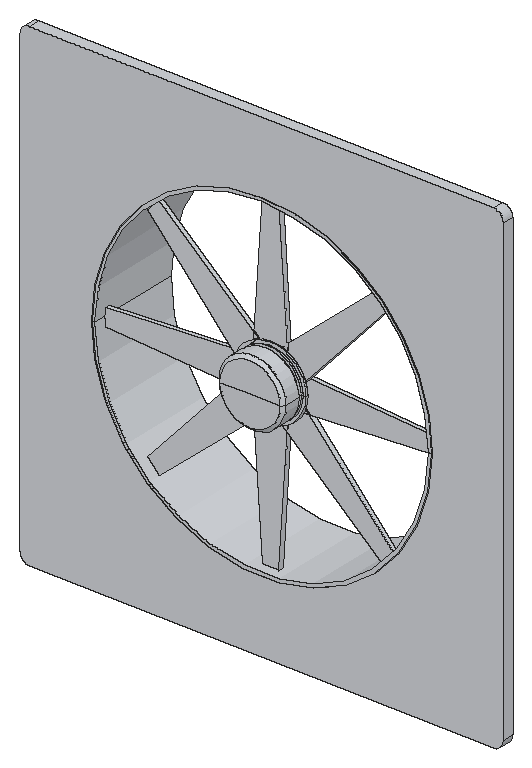
Revit family "CADS_Vent-Axia_MechEquip_Fan_VSP_SabreSicklePlate_3Ph6P - SUPPLY", category Mechanical Equipment, Revit 2020
Family settings
  Round Connector Dimension = Use Diameter
  Part Type = Normal
  OmniClass Number = 23.75.00.00
  OmniClass Title = Climate Control (HVAC)
  Work Plane-Based = No
  Always vertical = Yes
  Cut with Voids When Loaded = No
  Shared = No
  Room Calculation Point = No
Parameters (values of type "VSP50036A")
  WorkingPressure = 0.0 Pa
  WarrantyStartDate [instance] = "1900-12-31T23:59:59"
  WarrantyPeriod = ""
  WarrantyIdentifier = "N/A"
  WarrantyGuarantorParts = "tech@vent-axia.com"
  WarrantyGuarantorLabor = "tech@vent-axia.com"
  WarrantyGuarantor = "Vent-Axia Limited"
  WarrantyEndDate [instance] = "1900-12-31T23:59:59"
  WarrantyContent = ""
  TemperatureRange = ""
  TagNumber [instance] = "N/A"
  SustainabilityPerformance = ""
  Status = "New"
  Size = ""
  Shape = ""
  ServiceLifeType = ""
  ServiceLifeDuration = ""
  SerialNumber [instance] = "N/A"
  ReplacementCost = ""
  RatedVoltage = 0 V
  RatedCurrent = 0 A
  Quantity = 1
  ProductionYear = ""
  PressureCurve = ""
  PowerFactor = ""
  PointOfContact = ""
  NumberOfPoles = 0
  NominalWidth = 725 mm
  NominalLength = 141.5 mm
  NominalHeight = 500 mm
  NominalFrequencyRange = ""
  NominalDiameter = 500 mm
  ModelReference = "OWLET SICKLE PLATE FAN 500 DIA 3PH 6 POLE"
  ModelNumber = "VSP50036A"
  Material = ""
  ManufacturerE-Mail = "tech@vent-axia.com"
  ManufacturerAddress = "Fleming Way\nCrawley \nRH10 9YX"
  IsExtendedWarranty = no
  InsulationStandardClass = ""
  InstallationDate [instance] = "1900-12-31T23:59:59"
  IfcExportType [instance] = ""
  IfcExportAs = "IfcFanType"
  IP_Code = ""
  HasProtectiveEarth = no
  GrossWeight = 0.00 kg
  Grade = ""
  GlobalTradeItemNumber [instance] = "N/A"
  G = 17 mm
  Fitting Type = "Ignore"
  Finish = ""
  Features = ""
  ExteriorInsulation = no
  ExpectedServiceLife = 0
  Exclusions = ""
  E = 34 mm
  DurationUnit = "Year"
  Default Elevation = 0 mm
  Constituents = ""
  ConductorFunction = ""
  Color = ""
  CodePerformance = ""
  Category = ""
  CADS_Usage = 0
  CADS_Index = 0
  AssetType = "FIXED"
  AssetIdentifier [instance] = "N/A"
  AssemblyPlace = "UNKNOWN"
  ArticleNumber [instance] = "N/A"
  AirflowRateRange = 0.0 L/s
  Air Flow [instance] = 0.0 L/s
  AccessibilityPerformance = ""
  A = NominalWidth  # 725 mm
Types (4, lengths in mm): name | NominalWidth | NominalLength | NominalHeight | NominalDiameter | ModelReference | ModelNumber | A
  VSP50036A | 725 | 141.5 | 500 | 500 | "OWLET SICKLE PLATE FAN 500 DIA 3PH 6 POLE" | "VSP50036A" | 725
  VSP56036 | 725 | 162.5 | 560 | 560 | "SICKLE PLATE FAN 560DIA 3PH 6 POLE" | "VSP56036" | 725
  VSP63036B | 805 | 159.5 | 630 | 630 | "630MM 3PH 6P PLATE FAN" | "VSP63036B" | 805
  VSP71036A | 850 | 201.5 | 710 | 710 | "OWLET SICKLE PLATE FAN 710 DIA 3 PH 6 POLE" | "VSP71036A" | 850
Reference planes
  plane 1 "Center (Front/Back)": y = 0
  plane 2: z = 0
  plane 3 "Center (Left/Right)": x = 0
  plane 4: x = -250
  plane 5: x = 250
  plane 6 "F": y = -17
  plane 7 "B": y = 124.5
  plane 8: x = -362.5
  plane 9: x = -255
  plane 10 "top": z = 250
  plane 11: z = -250
  plane 12: x = 362.5
  plane 13: z = 362.5
  plane 14: z = -362.5
Forms (mm)
  Revolve 1, solid
    sketch origin (0, 0, 0) x (1, 0, 0) y (0, 1, 0)
      loop
        line (-255, -17) -> (-250, -17) -> (-250, 124.5) -> (-255, 124.5) -> (-255, -17)
      axis (0, 124.5) -> (0, -17)
    angle from 0 to 360
  Extrusion 2, solid
    sketch origin (0, 0, 0) x (1, 0, 0) y (0, 0, 1)
      loop
        arc (-347.5, 362.5) -> (-358.107, 358.107) -> (-362.5, 347.5) r 15
        line (-362.5, 347.5) -> (-362.5, -347.5)
        arc (-362.5, -347.5) -> (-358.107, -358.107) -> (-347.5, -362.5) r 15
        line (-347.5, -362.5) -> (347.5, -362.5)
        arc (347.5, -362.5) -> (358.107, -358.107) -> (362.5, -347.5) r 15
        line (362.5, -347.5) -> (362.5, 347.5)
        arc (362.5, 347.5) -> (358.107, 358.107) -> (347.5, 362.5) r 15
        line (347.5, 362.5) -> (-347.5, 362.5)
      loop
        circle (0, 0) r 255
    from 0 to 17 <- "G"
Dimensions and locks
  equal spacing: plane 4, plane 3 "Center (Left/Right)", plane 5
  "NominalLength": plane 7 "B" to plane 6 "F"
  "NominalDiameter": plane 4 to plane 5
  locked: plane 9 to plane 4 at 5
  equal spacing: plane 10 "top", level, plane 11
  "NominalDiameter": plane 10 "top" to plane 11
  equal spacing: plane 12, plane 3 "Center (Left/Right)", plane 8
  "A": plane 12 to plane 8
  equal spacing: plane 13, level, plane 14
  "A": plane 13 to plane 14
  "G": plane 6 "F" to plane 1 "Center (Front/Back)"
  aligned and locked: level to plane 2
  aligned and locked: Extrusion 2 sketch curve to Revolve 1  (x2)
Automatic sketch dimensions
  plane 6 "F" to Revolve 1 sketch curve = 0 mm
  Revolve 1 sketch curve to plane 4 = 0 mm
  Revolve 1 sketch curve to plane 3 "Center (Left/Right)" = 0 mm
  plane 1 "Center (Front/Back)" to Revolve 1 sketch curve = 0 mm
  Revolve 1 sketch curve to plane 7 "B" = 0 mm
  plane 6 "F" to Revolve 1 sketch curve = 115 mm
  Revolve 1 sketch curve to plane 9 = 0 mm
  Extrusion 2 sketch curve to plane 8 = 0 mm
  Extrusion 2 sketch curve to plane 13 = 0 mm
  Extrusion 2 sketch curve to plane 14 = 0 mm
  plane 12 to Extrusion 2 sketch curve = 0 mm
  plane 8 to Extrusion 2 sketch curve = 15 mm  (x2)
  plane 12 to Extrusion 2 sketch curve = 15 mm  (x2)
Nested families
  nested 1: "Fan for ESP" at (0, 0, 0), ND <- "NominalDiameter", BE <- "E", type "Fan for ESP"
    with hub 50 mm, ND 500 mm, BoltPCD 40 mm, Bolt Count 8, B_Diam 10 mm, BE 34 mm
  nested 2: "ESC Blade" at (0, 0, 0), type "ESC Blade"
    with a 20.00°, HR 50 mm, HD 100 mm, BT 25 mm, BR 200 mm, BH 40 mm, BD 500 mm, BB 50 mm
  nested 3: "ESC Blade" at (0, 0, 0) x (0.7071, 0, -0.7071) z (0.7071, 0, 0.7071), type "ESC Blade"
    with a 20.00°, HR 50 mm, HD 100 mm, BT 25 mm, BR 200 mm, BH 40 mm, BD 500 mm, BB 50 mm
  nested 4: "ESC Blade" at (0, 0, 0) x (0, 0, -1) z (1, 0, 0), type "ESC Blade"
    with a 20.00°, HR 50 mm, HD 100 mm, BT 25 mm, BR 200 mm, BH 40 mm, BD 500 mm, BB 50 mm
  nested 5: "ESC Blade" at (0, 0, 0) x (-0.7071, 0, -0.7071) z (0.7071, 0, -0.7071), type "ESC Blade"
    with a 20.00°, HR 50 mm, HD 100 mm, BT 25 mm, BR 200 mm, BH 40 mm, BD 500 mm, BB 50 mm
  nested 6: "ESC Blade" at (0, 0, 0) x (-1, 0, 0) z (0, 0, -1), type "ESC Blade"
    with a 20.00°, HR 50 mm, HD 100 mm, BT 25 mm, BR 200 mm, BH 40 mm, BD 500 mm, BB 50 mm
  nested 7: "ESC Blade" at (0, 0, 0) x (-0.7071, 0, -0.7071) z (-0.7071, 0, 0.7071), type "ESC Blade"
    with a 20.00°, HR 50 mm, HD 100 mm, BT 25 mm, BR 200 mm, BH 40 mm, BD 500 mm, BB 50 mm
  nested 8: "ESC Blade" at (0, 0, 0) x (0, 0, -1) z (-1, 0, 0), type "ESC Blade"
    with a 20.00°, HR 50 mm, HD 100 mm, BT 25 mm, BR 200 mm, BH 40 mm, BD 500 mm, BB 50 mm
  nested 9: "ESC Blade" at (0, 0, 0) x (0.7071, 0, -0.7071) z (-0.7071, 0, -0.7071), type "ESC Blade"
    with a 20.00°, HR 50 mm, HD 100 mm, BT 25 mm, BR 200 mm, BH 40 mm, BD 500 mm, BB 50 mm
Connectors
  hvac at (0, -17, 0), driven by "NominalDiameter", driven by "Air Flow"
    settings: on Revolve 1, index 1, duct flow 0.0 L/s, flow factor 0, pres drop 0.0 Pa, loss coef 0, conn angle 0.00°, conn width 304.8 mm, conn height 304.8 mm, conn diameter 500 mm, duct sys type 1, conn prof type 0, flow config 0, flow direction 1, loss method 0, conn ref index -1, conn util no, is conn primary yes, conn desc ""
  hvac at (0, 124.5, 0), driven by "NominalDiameter", driven by "Air Flow"
    settings: on Revolve 1, index 2, duct flow 0.0 L/s, flow factor 0, pres drop 0.0 Pa, loss coef 0, conn angle 0.00°, conn width 304.8 mm, conn height 304.8 mm, conn diameter 500 mm, duct sys type 1, conn prof type 0, flow config 1, flow direction 2, loss method 0, conn ref index -1, conn util no, is conn primary no, conn desc ""
Definition of nested family "Fan for ESP"
  Parameters (values of type "Fan for ESP")
    hub [instance] = ND / 10  # 25.1 mm
    ND [instance] = 251 mm
    Model = "."
    Default Elevation = 0 mm
    BoltPCD [instance] = hub - (hub * 0.2)  # 20.08 mm
    Bolt Count [instance] = if(hub < 50 mm, 6, 8)  # 6
    B_Diam [instance] = if(hub < 50 mm, 5 mm, 10 mm)  # 5 mm
    BE [instance] = 84 mm
  Reference planes
    plane 1 "Center (Front/Back)": y = 0
    plane 2: z = 0
    plane 3 "Center (Left/Right)": x = 0
    plane 4 "back": y = 20
    plane 5 "boss": y = -89
    plane 6 "B": z = 25.1
    plane 7: x = -30.1
    plane 8: x = -25.1
    plane 9 "hubface": y = -5
    plane 10: x = -20.1
    plane 11: y = -84
  Forms (mm)
    Revolve 1, solid
      sketch origin (0, 0, 0) x (1, 0, 0) y (0, 1, 0)
        loop
          line (0, -5) -> (0, 10.504) -> (-30.1, 10.504) -> (-30.1, -2.597) -> (-25.1, -2.597) -> (-25.1, -5) -> (0, -5)
        axis (0, 10.504) -> (0, -5)
      angle from 0 to 360
    Extrusion 2, solid, not visible
      sketch origin (0, -6.347, -4) x (-1, 0, 0) y (0, 0, 1)
        loop
          circle (0, 84) r 5
      from 0 to 3
    Revolve 3, solid
      sketch origin (0, 0, 0) x (1, 0, 0) y (0, 1, 0)
        loop
          line (-20.1, -5) -> (-25.1, -10) -> (-25.1, -84) -> (-20.1, -89) -> (0, -89) -> (0, -5) -> (-20.1, -5)
        axis (0, -5) -> (0, -89)
      angle from 0 to 360
  Lines and regions (mm)
    symbolic lines
      curve 1: circle (0, -89, 0) r 20.08 normal (0, 1, 0)
    model lines, not visible
      curve 2: line (0, -6.347, 85) -> (0, -6.347, 75)
  Dimensions and locks
    "hub": plane 6 "B" to plane 2
    "hub": nested 3 to plane 3 "Center (Left/Right)"
    "hub": nested 4 to plane 3 "Center (Left/Right)"
    "hub": nested 5 to plane 3 "Center (Left/Right)"
    "hub": plane 3 "Center (Left/Right)" to nested 6
    "hub": plane 3 "Center (Left/Right)" to nested 7
    "hub": plane 3 "Center (Left/Right)" to nested 8
    "hub": plane 3 "Center (Left/Right)" to nested 9
    "hub": plane 8 to plane 3 "Center (Left/Right)"
    plane 7 to plane 8 = 5 mm
    "BE": plane 5 "boss" to plane 9 "hubface"
    locked: plane 11 to plane 5 "boss" at 5
    plane 8 to plane 10 = 5 mm
    locked: plane 9 "hubface" to plane 1 "Center (Front/Back)" at 5
    diameter of Extrusion 2 sketch curve = 10 mm
    "BoltPCD": radius of curve 1
    aligned and locked: level to plane 2
    aligned and locked: plane 6 "B" to nested 1
  Automatic sketch dimensions
    Revolve 1 sketch curve to plane 7 = 0 mm
    Revolve 1 sketch curve to plane 8 = 0 mm
    Revolve 1 sketch curve to plane 3 "Center (Left/Right)" = 0 mm  (x2)
    Revolve 1 sketch curve to plane 9 "hubface" = 0 mm
    plane 1 "Center (Front/Back)" to Revolve 1 sketch curve = 2.597 mm
    plane 4 "back" to Revolve 1 sketch curve = 5 mm
    plane 4 "back" to Revolve 1 sketch curve = 9.496 mm
    Revolve 1 sketch curve to Revolve 1 sketch curve = 54.496 mm
    Revolve 3 sketch curve to plane 8 = 0 mm
    Revolve 3 sketch curve to plane 5 "boss" = 0 mm
    Revolve 3 sketch curve to plane 10 = 0 mm  (x2)
    Revolve 3 sketch curve to plane 9 "hubface" = 0 mm
    Revolve 3 sketch curve to plane 3 "Center (Left/Right)" = 0 mm  (x2)
    Revolve 3 sketch curve to plane 11 = 0 mm
    Revolve 3 sketch curve to plane 9 "hubface" = 5 mm
    plane 4 "back" to Revolve 3 sketch curve = 4.08 mm
    Revolve 3 sketch curve to plane 4 "back" = 3.828 mm
    curve 1 to level = 0 mm
    curve 1 to plane 3 "Center (Left/Right)" = 0 mm
  Nested families
    nested 1: "ESC Blade" at (0, 0, 0), BD <- "ND", HD <- "hub", type "ESC Blade"
      with a 20.00°, HR 25.1 mm, HD 50.2 mm, BT 12.55 mm, BR 100.4 mm, BH 40 mm, BD 251 mm, BB 25.1 mm
    nested 2: "ESC Blade" at (0, 0, 755), BD <- "ND", HD <- "hub", type "ESC Blade", not visible
      with a 20.00°, HR 25.1 mm, HD 50.2 mm, BT 12.55 mm, BR 100.4 mm, BH 40 mm, BD 251 mm, BB 25.1 mm
    nested 3: "ESC Blade" at (0, 0, 0) x (0.7071, 0, -0.7071) z (0.7071, 0, 0.7071), BD <- "ND", HD <- "hub", type "ESC Blade"
      with a 20.00°, HR 25.1 mm, HD 50.2 mm, BT 12.55 mm, BR 100.4 mm, BH 40 mm, BD 251 mm, BB 25.1 mm
    nested 4: "ESC Blade" at (0, 0, 0) x (0, 0, -1) z (1, 0, 0), BD <- "ND", HD <- "hub", type "ESC Blade"
      with a 20.00°, HR 25.1 mm, HD 50.2 mm, BT 12.55 mm, BR 100.4 mm, BH 40 mm, BD 251 mm, BB 25.1 mm
    nested 5: "ESC Blade" at (0, 0, 0) x (-0.7071, 0, -0.7071) z (0.7071, 0, -0.7071), BD <- "ND", HD <- "hub", type "ESC Blade"
      with a 20.00°, HR 25.1 mm, HD 50.2 mm, BT 12.55 mm, BR 100.4 mm, BH 40 mm, BD 251 mm, BB 25.1 mm
    nested 6: "ESC Blade" at (0, 0, 0) x (-1, 0, 0) z (0, 0, -1), BD <- "ND", HD <- "hub", type "ESC Blade"
      with a 20.00°, HR 25.1 mm, HD 50.2 mm, BT 12.55 mm, BR 100.4 mm, BH 40 mm, BD 251 mm, BB 25.1 mm
    nested 7: "ESC Blade" at (0, 0, 0) x (-0.7071, 0, -0.7071) z (-0.7071, 0, 0.7071), BD <- "ND", HD <- "hub", type "ESC Blade"
      with a 20.00°, HR 25.1 mm, HD 50.2 mm, BT 12.55 mm, BR 100.4 mm, BH 40 mm, BD 251 mm, BB 25.1 mm
    nested 8: "ESC Blade" at (0, 0, 0) x (0, 0, -1) z (-1, 0, 0), BD <- "ND", HD <- "hub", type "ESC Blade"
      with a 20.00°, HR 25.1 mm, HD 50.2 mm, BT 12.55 mm, BR 100.4 mm, BH 40 mm, BD 251 mm, BB 25.1 mm
    nested 9: "ESC Blade" at (0, 0, 0) x (0.7071, 0, -0.7071) z (-0.7071, 0, -0.7071), BD <- "ND", HD <- "hub", type "ESC Blade"
      with a 20.00°, HR 25.1 mm, HD 50.2 mm, BT 12.55 mm, BR 100.4 mm, BH 40 mm, BD 251 mm, BB 25.1 mm
  Definition of nested family "ESC Blade"
    Parameters (values of type "ESC Blade")
      a [instance] = 20.00°
      HR [instance] = HD / 2  # 30 mm
      HD [instance] = BD / 5  # 60 mm
      Default Elevation = 1219.2 mm
      BT [instance] = BD / 20  # 15 mm
      BR [instance] = (BD / 2) - HR  # 120 mm
      BH [instance] = 40 mm
      BD [instance] = 300 mm
      BB [instance] = BD / 10  # 30 mm
    Reference planes
      plane 1 "Center (Front/Back)": y = 0
      plane 2: z = 0
      plane 3 "Center (Left/Right)": x = 0
      plane 4 "Blade Bot": z = 30
      plane 5: x = -15
      plane 6: x = 15
      plane 7: x = -7.5
      plane 8: x = 7.5
    Forms (mm)
      Blend 1, solid
        base sketch origin (0, 0, 30) x (-1, 0, 0) y (0, -1, 0)
          loop
            line (15, 0) -> (-15, 0) -> (-15, -6) -> (15, -6) -> (15, 0)
        top sketch origin (0, 0, 30) x (-1, 0, 0) y (0, -1, 0)
          loop
            line (7.5, -6) -> (7.5, 0) -> (-7.5, 0) -> (-7.5, -6) -> (7.5, -6)
        from 0 to 120 <- "BR"
    Dimensions and locks
      "HR": plane 4 "Blade Bot" to level
      equal spacing: plane 8, plane 3 "Center (Left/Right)", plane 7
      "BT": plane 8 to plane 7
      equal spacing: plane 6, plane 3 "Center (Left/Right)", plane 5
      "BB": plane 6 to plane 5
      aligned and locked: level to plane 2
    Automatic sketch dimensions
      plane 1 "Center (Front/Back)" to Blend 1 sketch curve = 0 mm  (x2)
      Blend 1 sketch curve to plane 6 = 0 mm
      Blend 1 sketch curve to plane 5 = 0 mm
      Blend 1 sketch curve to plane 1 "Center (Front/Back)" = 6 mm  (x2)
      Blend 1 sketch curve to plane 8 = 0 mm
      Blend 1 sketch curve to plane 7 = 0 mm
Definition of nested family "ESC Blade"
  Parameters (values of type "ESC Blade")
    a [instance] = 20.00°
    HR [instance] = HD / 2  # 30 mm
    HD [instance] = BD / 5  # 60 mm
    Default Elevation = 1219.2 mm
    BT [instance] = BD / 20  # 15 mm
    BR [instance] = (BD / 2) - HR  # 120 mm
    BH [instance] = 40 mm
    BD [instance] = 300 mm
    BB [instance] = BD / 10  # 30 mm
  Reference planes
    plane 1 "Center (Front/Back)": y = 0
    plane 2: z = 0
    plane 3 "Center (Left/Right)": x = 0
    plane 4 "Blade Bot": z = 30
    plane 5: x = -15
    plane 6: x = 15
    plane 7: x = -7.5
    plane 8: x = 7.5
  Forms (mm)
    Blend 1, solid
      base sketch origin (0, 0, 30) x (-1, 0, 0) y (0, -1, 0)
        loop
          line (15, 0) -> (-15, 0) -> (-15, -6) -> (15, -6) -> (15, 0)
      top sketch origin (0, 0, 30) x (-1, 0, 0) y (0, -1, 0)
        loop
          line (7.5, -6) -> (7.5, 0) -> (-7.5, 0) -> (-7.5, -6) -> (7.5, -6)
      from 0 to 120 <- "BR"
  Dimensions and locks
    "HR": plane 4 "Blade Bot" to level
    equal spacing: plane 8, plane 3 "Center (Left/Right)", plane 7
    "BT": plane 8 to plane 7
    equal spacing: plane 6, plane 3 "Center (Left/Right)", plane 5
    "BB": plane 6 to plane 5
    aligned and locked: level to plane 2
  Automatic sketch dimensions
    plane 1 "Center (Front/Back)" to Blend 1 sketch curve = 0 mm  (x2)
    Blend 1 sketch curve to plane 6 = 0 mm
    Blend 1 sketch curve to plane 5 = 0 mm
    Blend 1 sketch curve to plane 1 "Center (Front/Back)" = 6 mm  (x2)
    Blend 1 sketch curve to plane 8 = 0 mm
    Blend 1 sketch curve to plane 7 = 0 mm
